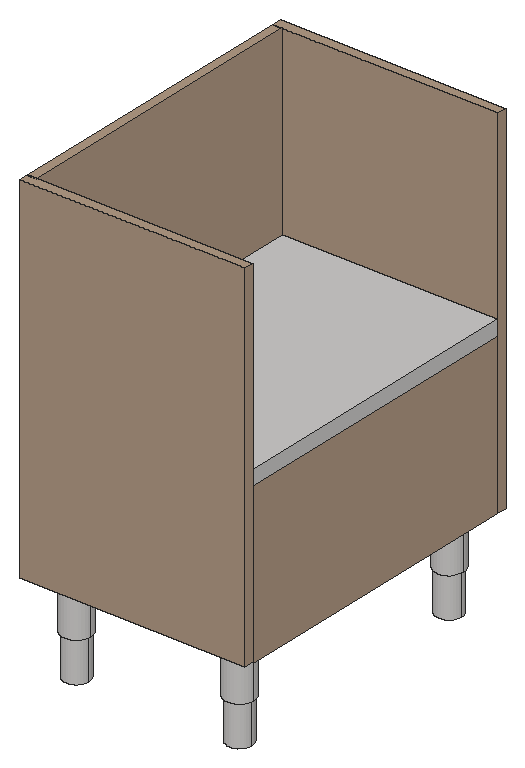
Revit family "QF_ELECTROLUXPROFESSIONAL_322113_F32N0AF00W", category Specialty Equipment, Revit 2018
Family settings
  Round Connector Dimension = Use Diameter
  Part Type = Normal
  Work Plane-Based = No
  Always vertical = Yes
  Cut with Voids When Loaded = No
  Shared = No
  Room Calculation Point = No
Parameters (values of type "Standard")
  Weight = 27.00 kg
  Watts = 0 W
  Volts = 0 V
  URL Manufacturer = "http://professional.electrolux.com"
  URL = "http://professional.electrolux.com"
  Steam Supply Size = 0 mm
  Steam Supply Minimum Pressure = 0.0 Pa
  Steam Supply Maximum Pressure = 0.0 Pa
  Steam Pounds per Hour = 0
  Show Clearance [instance] = yes
  Refrigeration Suction Line Size = 0 mm
  Refrigeration Liquid Line Size = 0 mm
  Refrigerant Compressor Remote = yes
  Manufacturer = "Electrolux Professional"
  Phase = 0
  Model = "F32N0AF00W"
  Length Actual = 650 mm  # constant formula
  Item Number = "322113"
  Hot Water Size = 0 mm
  Height Actual = 896 mm  # constant formula
  HP = "0 HP"
  Gas Size = 0 mm
  Gas KW = 0
  Gas Input Pressure = 0 W
  Direct Waste Size = 0 mm
  Description = "TRAY DISPENSER H=900MM"
  Depth Actual = 450 mm  # constant formula
  Cycle = 0 Hz
  Condensate Return Size = 0 mm
  Compressed Air Volume = 0.0 L/s
  Compressed Air Size = 0 mm
  Compressed Air Pressure = 0.0 Pa
  Cold Water Size = 0 mm
  Accessory = yes
Types (2, lengths in mm): name | URL | Manufacturer | Model | Description
  (no name) | 0 | 0 | 0 | 0
  Standard | "http://professional.electrolux.com" | "Electrolux Professional" | "F32N0AF00W" | "TRAY DISPENSER H=900MM"
Values of the unnamed type that differ from the named types
  URL Manufacturer = ""
  Item Number = ""
  HP = ""
Reference planes
  plane 1 "Centro (Fronte/Retro)": y = 74.737
  plane 2: z = 0
  plane 3 "BACK": y = 399.737
  plane 4 "FRONT": y = -250.263
  plane 5: z = 896
  plane 6 "RIGHT": x = -289.269
  plane 7 "LEFT": x = -739.269
  plane 8: x = -514.269
  plane 9: y = 679.737
  plane 10: y = -530.263
  plane 11: z = 179
  plane 12: z = 1304
  plane 13: z = 1222
  plane 14: y = 331.737
  plane 15: x = -661.269
  plane 16: x = -367.269
  plane 17: x = -307.269
  plane 18: z = 870
  plane 19: y = 381.737
  plane 20: y = -232.263
  plane 21: z = 182
  plane 22: z = 527
  plane 23: z = 531
  plane 24: x = -482.269
  plane 25: x = -560.269
  plane 26: z = 497
Forms (mm)
  Extrusion 1, solid, material "QF_Finishes_Wood"
    sketch origin (0, 0, 0) x (1, 0, 0) y (0, 1, 0)
      loop
        line (-721.269, 381.737) -> (-721.269, -232.263) -> (-307.269, -232.263) -> (-307.269, 381.737) -> (-721.269, 381.737)
    from 179 to 497
  Extrusion 2, solid, material "QF_Finishes_Wood"
    sketch origin (-307.269, 381.737, 0) x (0, -1, 0) y (0, 0, -1)
      loop
        line (614, -182) -> (614, -896) -> (632, -896) -> (632, -182) -> (614, -182)
    from 18 to -432
  Extrusion 3, solid, material "QF_Finishes_Wood"
    sketch origin (-307.269, -194.263, 0) x (0, 1, 0) y (0, 0, 1)
      loop
        line (576, 179) -> (594, 179) -> (594, 896) -> (576, 896) -> (576, 179)
    from 18 to -432
  Extrusion 4, solid, material "QF_Finishes_Stainless Steel"
    sketch origin (0, 0, -373) x (1, 0, 0) y (0, 1, 0)
      loop
        line (-721.269, 381.737) -> (-721.269, -232.263) -> (-289.269, -232.263) -> (-289.269, 381.737) -> (-721.269, 381.737)
    from 870 to 900
  Extrusion 5, solid, material "QF_Finishes_Wood"
    sketch origin (0, 0, 0) x (1, 0, 0) y (0, 1, 0)
      loop
        line (-307.269, 377.737) -> (-307.269, -228.294) -> (-289.269, -228.294) -> (-289.269, 377.737) -> (-307.269, 377.737)
    from 179 to 497
  Extrusion 6, solid, material "QF_Finishes_Wood"
    sketch origin (0, 0, 0) x (1, 0, 0) y (0, 1, 0)
      loop
        line (-721.269, 381.737) -> (-739.269, 381.737) -> (-739.269, -232.263) -> (-721.269, -232.263) -> (-721.269, 381.737)
    from 179 to 896
Lines and regions (mm)
  symbolic lines
    curve 1: line (-739.269, 399.737, 0) -> (-289.269, 399.737, 0)
    curve 2: line (-739.269, -250.263, 0) -> (-739.269, 399.737, 0)
    curve 3: line (-289.269, -250.263, 0) -> (-739.269, -250.263, 0)
    curve 4: line (-289.269, 399.737, 0) -> (-289.269, -250.263, 0)
    curve 5: line (-739.269, 381.737, 0) -> (-289.269, 381.737, 0)
    curve 6: line (-721.269, -232.263, 0) -> (-721.269, 381.737, 0)
    curve 7: line (-289.269, -232.263, 0) -> (-739.269, -232.263, 0)
    curve 8: line (-307.269, 381.737, 0) -> (-307.269, -232.263, 0)
    curve 9: line (-307.269, -228.294, 0) -> (-289.269, -228.294, 0)
    curve 10: line (-289.269, 377.737, 0) -> (-307.269, 377.737, 0)
Dimensions and locks
  plane 7 "LEFT" to plane 6 "RIGHT" = 450 mm
  equal spacing: plane 3 "BACK", plane 1 "Centro (Fronte/Retro)", plane 4 "FRONT"
  plane 3 "BACK" to plane 4 "FRONT" = 650 mm
  equal spacing: plane 7 "LEFT", plane 8, plane 6 "RIGHT"
  locked: plane 9 to plane 3 "BACK" at 280
  locked: plane 4 "FRONT" to plane 10 at 280
  plane 11 to plane 2 = 179 mm
  plane 5 to plane 2 = 896 mm
  locked: plane 12 to plane 2 at 1304
  locked: plane 13 to plane 2 at 1222
  locked: plane 3 "BACK" to plane 14 at 68
  locked: plane 7 "LEFT" to plane 15 at 78
  locked: plane 16 to plane 6 "RIGHT" at 78
  plane 17 to plane 6 "RIGHT" = 18 mm
  locked: plane 5 to plane 18 at 26
  locked: plane 17 to plane 24 at 175
  plane 9 to plane 10 = 1210 mm
  plane 6 "RIGHT" to plane 16 = 78 mm
  plane 15 to plane 7 "LEFT" = 78 mm
  locked: plane 5 to plane 26 at 399
  plane 19 to plane 20 = 614 mm
  plane 7 "LEFT" to plane 17 = 432 mm
  nested 2 to nested 1 = 326 mm
  nested 2 to nested 3 = 524 mm
  nested 2 to plane 1 "Centro (Fronte/Retro)" to nested 3 = 262 mm, 262 mm
  aligned and locked: level to plane 2
  aligned and locked: Extrusion 1 sketch curve to plane 19
  aligned and locked: plane 20 to Extrusion 1 sketch curve
  aligned and locked: Extrusion 1 sketch curve to plane 17
  aligned and locked: Extrusion 1 to plane 11
  aligned and locked: plane 21 to Extrusion 2 sketch curve
  aligned and locked: Extrusion 2 sketch curve to plane 20
  aligned and locked: plane 6 "RIGHT" to Extrusion 3
  aligned and locked: Extrusion 3 to plane 7 "LEFT"
  aligned and locked: Extrusion 2 to Extrusion 3
  aligned and locked: Extrusion 3 to Extrusion 1
  aligned and locked: Extrusion 6 to Extrusion 2
  aligned and locked: Extrusion 1 to Extrusion 6
Automatic sketch dimensions
  Extrusion 2 sketch curve to Extrusion 1 = 18 mm
  Extrusion 3 sketch curve to Extrusion 1 = 399 mm
  Extrusion 3 sketch curve to Extrusion 1 = 0 mm
  Extrusion 3 sketch curve to Extrusion 3 sketch curve = 18 mm
  Extrusion 3 sketch curve to Extrusion 3 sketch curve = 717 mm
  Extrusion 5 sketch curve to plane 17 = 0 mm
  Extrusion 5 sketch curve to plane 6 "RIGHT" = 0 mm
  plane 20 to Extrusion 5 sketch curve = 3.969 mm
  Extrusion 5 sketch curve to plane 19 = 4 mm
  plane 7 "LEFT" to Extrusion 1 sketch curve = 18 mm
  Extrusion 2 sketch curve to Extrusion 1 = 399 mm
  Extrusion 4 sketch curve to plane 20 = 0 mm
  Extrusion 4 sketch curve to plane 19 = 0 mm
  Extrusion 4 sketch curve to plane 6 "RIGHT" = 0 mm
  plane 7 "LEFT" to Extrusion 4 sketch curve = 18 mm
  Extrusion 6 sketch curve to plane 7 "LEFT" = 0 mm
  Extrusion 6 sketch curve to plane 20 = 0 mm
  Extrusion 6 sketch curve to plane 19 = 0 mm
  Extrusion 6 sketch curve to Extrusion 6 sketch curve = 18 mm
  curve 1 to plane 3 "BACK" = 0 mm
  curve 1 to plane 7 "LEFT" = 0 mm
  curve 6 to plane 20 = 0 mm
  curve 6 to plane 19 = 0 mm
  curve 8 to plane 17 = 0 mm
  curve 3 to plane 4 "FRONT" = 0 mm
  curve 3 to plane 6 "RIGHT" = 0 mm
  plane 7 "LEFT" to curve 6 = 18 mm
  curve 8 to curve 9 = 3.969 mm
  curve 10 to plane 19 = 4 mm
Nested families
  nested 1: "Foot_Ø50_H179" at (-677.269, -187.263, 0), type "Foot_Ø50_H179"
  nested 2: "Foot_Ø50_H179" at (-351.269, -187.263, 0), type "Foot_Ø50_H179"
  nested 3: "Foot_Ø50_H179" at (-351.269, 336.737, 0), type "Foot_Ø50_H179"
  nested 4: "Foot_Ø50_H179" at (-677.269, 336.737, 0), type "Foot_Ø50_H179"
Definition of nested family "Foot_Ø50_H179"
  Reference planes
    plane 1 "Centro (Fronte/Retro)": y = 0
    plane 2: z = 0
    plane 3 "Centro (Sinistra/Destra)": x = 0
    plane 4: z = 179
  Forms (mm)
    Revolve 1, solid
      sketch origin (255.05, 0, 608.09) x (0, 0, 1) y (-1, 0, 0)
        loop
          line (-608.09, 255.05) -> (-608.09, 230.05) -> (-526.09, 230.05) -> (-526.09, 226.05) -> (-429.09, 226.05) -> (-429.09, 255.05) -> (-608.09, 255.05)
        axis (-608.09, 255.05) -> (-429.09, 255.05)
      angle from 0 to 360
  Dimensions and locks
    Revolve 1 sketch curve to Revolve 1 sketch curve = 97 mm
    aligned and locked: level to plane 2
    aligned and locked: plane 4 to Revolve 1 sketch curve
    aligned and locked: Revolve 1 sketch curve to level
    aligned and locked: plane 3 "Centro (Sinistra/Destra)" to Revolve 1 sketch curve
